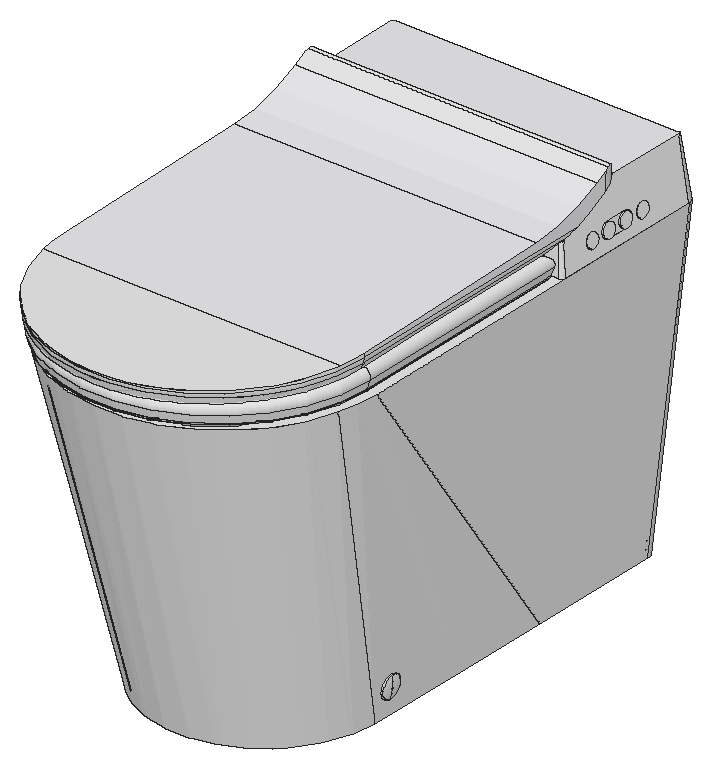
Revit family "X", category Plumbing Fixtures, host Face, Revit 2022
Family settings
  Host = Face
  Round Connector Dimension = Use Diameter
  Part Type = Normal
  OmniClass Number = 23.31.19.00
  Cut with Voids When Loaded = No
  Maintain Annotation Orientation = No
  Shared = No
  Room Calculation Point = No
Parameters (values of type "0-White")
  Width = 14.49606"  # constant formula
  WaterSense Certified = 1 = 0  # no
  Waste Water Outlet = "Waste Water Outlet"  # constant formula
  Waste Connection = 1 = 1  # yes
  Voltage = 240 V  # constant formula
  Vent Connection = 1 = 0  # no
  URL = "https://www.kohler.co.th/"
  Type = 1
  Seat Included = 1 = 0  # no
  Rough-In = 12 1/128"  # constant formula
  Product Page URL = ""
  Product Name = "Leap"  # constant formula
  Product Documentation Link = ""
  Pressure = 0.00 psi
  Model = if(Type = 1, "K-28529X-0", "NA")  # "K-28529X-0"
  Material = "Vitreous China"  # constant formula
  Master Format 2014 Name = "Residential Water Closets"  # constant formula
  Master Format 2014 = "22 42 13.13"  # constant formula
  Manufacturer Address = "16th Floor, Jasmine City Building 2, Soi Sukhumvit 23, Sukhumvit Road, Khlong Toei Nuea, Watthana, Bangkok 10110"  # constant formula
  Manufacturer = "Kohler Co."  # constant formula
  Length = 26 205/256"  # constant formula
  Hot Water Inlet = "Hot Water Inlet"  # constant formula
  Height = 19.36614"  # constant formula
  HW Connection = 1 = 0  # no
  Flush Rate- LPF = "LPF"
  Flush Rate- GPF = "GPF"
  Flow Rate = 0 GPM
  Finish = Kohler-Vitreous_China-0-White
  Environmental Product Declaration = ""
  Electrical Note = "One Dedicated Circuit Required"  # constant formula
  Electrical Connector = 1 = 1  # yes
  Description = "Intelligent Toilet S305"  # constant formula
  Default Elevation = 0"
  Declare Label = ""
  Date Modified = "04/02/2025"  # constant formula
  Date Created = "04/02/2025"  # constant formula
  Copyright = "Copyright Kohler Co."  # constant formula
  Contact Us = "https://www.kohler.co.th/contact-us"
  Cold Water Inlet = "Cold Water Inlet"  # constant formula
  CW Connection = 1 = 1  # yes
  Bowl Height = 15.74803"  # constant formula
  Assembly Code = "D2010100"
  Apparent Load = 1200 VA  # constant formula
  ADA Compliant = 1 = 0  # no
Reference planes (in)
  plane 1 "Center (Front/Back)": y = 0
  plane 2: z = 0
  plane 3 "Center (Left/Right)": x = 0
  plane 4: z = 19.36614
  plane 5: z = 15.74803
  plane 6: x = -7.24803
  plane 7: x = 7.24803
  plane 8: z = 4.05092
  plane 9: z = 4.63274
  plane 10: x = 6.00984
  plane 11: x = -5.98918
  plane 12: y = -0.78734
  plane 13: y = -27.58812
  plane 14: z = 1.37402
  plane 15: y = -16.74803
  plane 16: y = -12.00781
  plane 17: z = 16.93701
  plane 18: y = -4.13386
  plane 19: x = 5.41339
  plane 20: x = -5.41339
  plane 21: y = -21.65348
  plane 22: y = -22.47238
Dimensions and locks (in)
  plane 5 to plane 17 = 1.18898"
  "Length": plane 12 to plane 13
  "Height": level to plane 4
  "Rough-In": plane 1 "Center (Front/Back)" to plane 16
  plane 1 "Center (Front/Back)" to plane 15 = 16.74803"
  plane 14 to level = 1.37402"
  "Bowl Height": plane 5 to level
  plane 6 to plane 7 = 14.49606"
  plane 11 to plane 10 = 11.99902"
  plane 20 to plane 19 = 10.82677"
  plane 12 to plane 16 = 11.22047"
  plane 16 to plane 22 = 10.46457"
  plane 16 to plane 21 = 9.64567"
  plane 1 "Center (Front/Back)" to plane 12 = 0.78734"
  "Width": plane 6 to plane 7
  plane 9 to level = 4.63274"
  plane 19 to plane 20 = 10.82677"
  aligned and locked: plane 2 to host face
  aligned and locked: level to host face
  aligned and locked: plane 3 "Center (Left/Right)" to nested 1
  aligned and locked: nested 1 to plane 16
Automatic sketch dimensions
  host sketch curve to host sketch curve = 96"  (x2)
Nested families (in)
  nested 1: "K-28529X" at (0, 0.00006, 0), type "K-28529X"
Connectors (in)
  piping at (0, -12.00781, 0), diameter 2.63672, driven by "Waste Connection", driven by "Waste Water Outlet"
    settings: on nested 1, index 3, connector inside diameter 24", connector length 0", flow factor 0, pipe flow 0 GPM, pressure drop 0.00 psi, fitting loss kfactor 0, connector angle 0.00°, fixture units 0, engagement length 0", angle of deflection 0.00°, flow configuration 0, flow direction 2, fitting loss method 0, system type 16, joint type 0, gender type 0, connector reference index -1, connector utility 1, adjustable connector no, is connector primary yes, connector description "Waste Water Outlet"
  piping at (-5.98918, -4.1338, 4.63274), diameter 0.375, driven by "CW Connection", driven by "Cold Water Inlet"
    settings: on nested 1, index 4, connector inside diameter 24", connector length 0", flow factor 0, pipe flow 0 GPM, pressure drop 0.00 psi, fitting loss kfactor 0, connector angle 0.00°, fixture units 0, engagement length 0", angle of deflection 0.00°, flow configuration 0, flow direction 1, fitting loss method 0, system type 20, joint type 0, gender type 0, connector reference index -1, connector utility 1, adjustable connector no, is connector primary no, connector description "Cold Water Inlet"
  electrical at (-5.98918, -4.1338, 4.05092), driven by "Voltage", driven by "Apparent Load", driven by "Electrical Connector", driven by "Electrical Note"
    settings: on nested 1, index 5, voltage 240 V, apparent load 1200 VA, apparent load phase1 0 VA, apparent load phase2 0 VA, apparent load phase3 0 VA, power factor 1, load classification "Power", number of poles 1, system type 30, power factor state 1, is connector primary yes, connector utility yes, sub classification motor no, connector description "One Dedicated Circuit Required"
Definition of nested family "K-28529X"
  Parameters
    Material = none
    Default Elevation = 0"
  Reference planes (in)
    plane 1 "Center (Front/Back)": y = 0
    plane 2: z = 0
    plane 3 "Center (Left/Right)": x = 0
    plane 4: y = -0.7874
    plane 5: y = -12.00787
    plane 6: y = -27.58661
    plane 7: z = 15.74803
    plane 8: z = 19.36614
    plane 9: y = -21.65354
    plane 10: x = 6.00984
    plane 11: x = -5.98918
    plane 12 "aa": through (0, -5.96811, 18.39868) normal (0, 0.4548, -0.8906)
    plane 13 "zz": through (6.83853, 0, 18.59229) normal (-0.9906, 0, -0.1371)
    plane 14: z = 4.05092
    plane 15: y = -4.13386
    plane 16: z = 4.63274
    plane 17: x = -7.24803
    plane 18: x = 7.24803
    plane 19: y = -22.34646
    plane 20: y = -16.74803
    plane 21: z = 1.37402
  Forms (in)
    Blend 1, solid, material <- "Material", detail levels medium+fine
      base sketch origin (0, 0, 0) x (1, 0, 0) y (0, 1, 0)
        loop
          line (-5.35715, -1.25984) -> (-5.35715, -7.67699)
          arc (-5.35715, -7.67699) -> (-5.33221, -12.5375) -> (-5.2574, -17.39749) r 473.65749
          arc (-5.2574, -17.39749) -> (0, -22.54808) -> (5.2574, -17.39749) r 5.25851
          arc (5.2574, -17.39749) -> (5.33221, -12.5375) -> (5.35715, -7.67699) r 473.65749
          line (5.35715, -7.67699) -> (5.35715, -1.25984)
          arc (5.35715, -1.25984) -> (5.21878, -0.92578) -> (4.88471, -0.7874) r 0.47244
          line (4.88471, -0.7874) -> (-4.88471, -0.7874)
          arc (-4.88471, -0.7874) -> (-5.21878, -0.92578) -> (-5.35715, -1.25984) r 0.47244
      top sketch origin (0, 0, 0) x (1, 0, 0) y (0, 1, 0)
        loop
          arc (7.24803, -1.1811) -> (7.13272, -0.90271) -> (6.85433, -0.7874) r 0.3937
          line (6.85433, -0.7874) -> (-6.82273, -0.7874)
          arc (-6.82273, -0.7874) -> (-7.10112, -0.90271) -> (-7.21644, -1.1811) r 0.3937
          line (-7.21644, -1.1811) -> (-7.21644, -19.76739)
          arc (-7.21644, -19.76739) -> (-7.11617, -20.96747) -> (-6.81816, -22.13427) r 7.23223
          arc (-6.81816, -22.13427) -> (0.24036, -26.99613) -> (6.9835, -21.70552) r 7.23223
          arc (6.9835, -21.70552) -> (7.18159, -20.74544) -> (7.24803, -19.76739) r 7.23223
          line (7.24803, -19.76739) -> (7.24803, -1.1811)
      from 0 to 15.74803
    Blend 2, solid, material <- "Material", detail levels medium+fine
      base sketch origin (0, 0, 0) x (1, 0, 0) y (0, 1, 0)
        loop
          arc (1.04424, -15.20312) -> (1.28968, -14.4358) -> (1.03191, -13.67253) r 1.28972
          arc (1.03191, -13.67253) -> (0.12136, -13.16219) -> (-0.86868, -13.49289) r 1.28972
          arc (-0.86868, -13.49289) -> (-1.27739, -14.26822) -> (-1.09617, -15.12575) r 1.28972
          arc (-1.09617, -15.12575) -> (-0.04659, -15.73507) -> (1.04424, -15.20312) r 1.28972
      top sketch origin (0, 0, 0) x (1, 0, 0) y (0, 1, 0)
        loop
          arc (-5.08401, -22.50659) -> (0, -26.1414) -> (5.08401, -22.50659) r 5.37291
          arc (5.08401, -22.50659) -> (5.80138, -19.00553) -> (5.61376, -15.43665) r 14.07332
          arc (5.61376, -15.43665) -> (0, -10.75147) -> (-5.61376, -15.43665) r 5.70578
          arc (-5.61376, -15.43665) -> (-5.80138, -19.00553) -> (-5.08401, -22.50659) r 14.07332
      from 6.62557 to 15.74803
    Blend 3, void
      base sketch origin (0, 0, 0) x (1, 0, 0) y (0, 1, 0)
        loop
          arc (-1.28724, -13.93558) -> (-1.23658, -14.6763) -> (-1.17662, -15.41633) r 59.18802
          arc (-1.17662, -15.41633) -> (0, -16.49467) -> (1.17662, -15.41633) r 1.1811
          arc (1.17662, -15.41633) -> (1.23658, -14.6763) -> (1.28724, -13.93558) r 59.18802
          arc (1.28724, -13.93558) -> (0, -12.56592) -> (-1.28724, -13.93558) r 1.28972
      top sketch origin (0, 0, 0) x (1, 0, 0) y (0, 1, 0)
        loop
          arc (-5.08401, -22.50659) -> (0, -26.1414) -> (5.08401, -22.50659) r 5.37291
          arc (5.08401, -22.50659) -> (5.80138, -19.00553) -> (5.61376, -15.43665) r 14.07332
          arc (5.61376, -15.43665) -> (0, -10.75147) -> (-5.61376, -15.43665) r 5.70578
          arc (-5.61376, -15.43665) -> (-5.80138, -19.00553) -> (-5.08401, -22.50659) r 14.07332
      from 6.62557 to 15.74803
    Sweep 4, solid, material <- "Material", detail levels medium+fine
      path origin (0, 0, 0) x (0, 1, 0) y (0, 0, 1)
        loop
          line (-12.00787, -5.776) -> (-12.00787, 0.32888)
          arc (-12.00787, 0.32888) -> (-11.40267, 1.98153) -> (-9.87331, 2.85249) r 2.55906
          arc (-9.87331, 2.85249) -> (-6.76803, 3.86344) -> (-4.093, 5.73669) r 11.06673
          arc (-4.093, 5.73669) -> (-4.0493, 9.04716) -> (-7.35978, 9.00346) r 2.31076
          arc (-7.35978, 9.00346) -> (-9.79631, 6.79875) -> (-12.5397, 4.99008) r 21.55142
          arc (-12.5397, 4.99008) -> (-13.87, 5.00708) -> (-14.5303, 6.16207) r 1.34031
          line (-14.5303, 6.16207) -> (-14.5303, 11.74274)
      profile origin (0, -12.00787, -2.72356) x (0, -1, 0) y (1, 0, 0)
        loop
          circle (0, 0) r 1.33858
    Blend 5, solid, detail levels medium+fine
      base sketch origin (0, 0, 0) x (1, 0, 0) y (0, 1, 0)
        loop
          line (-7.23223, -1.1811) -> (-7.23223, -8.49563)
          arc (-7.23223, -8.49563) -> (-7.17458, -8.63482) -> (-7.03538, -8.69248) r 0.19685
          line (-7.03538, -8.69248) -> (-6.17053, -8.69248)
          arc (-6.17053, -8.69248) -> (-6.03134, -8.75013) -> (-5.97368, -8.88933) r 0.19685
          line (-5.97368, -8.88933) -> (-5.97368, -12.09458)
          arc (-5.97368, -12.09458) -> (-5.91603, -12.23377) -> (-5.77683, -12.29143) r 0.19685
          line (-5.77683, -12.29143) -> (5.73302, -12.29143)
          arc (5.73302, -12.29143) -> (5.87221, -12.23377) -> (5.92987, -12.09458) r 0.19685
          line (5.92987, -12.09458) -> (5.92987, -8.88319)
          arc (5.92987, -8.88319) -> (5.98753, -8.74399) -> (6.12672, -8.68634) r 0.19685
          line (6.12672, -8.68634) -> (7.03538, -8.68634)
          arc (7.03538, -8.68634) -> (7.17458, -8.62868) -> (7.23223, -8.48948) r 0.19685
          line (7.23223, -8.48948) -> (7.23223, -1.1811)
          arc (7.23223, -1.1811) -> (7.11692, -0.90271) -> (6.83853, -0.7874) r 0.3937
          line (6.83853, -0.7874) -> (-6.83853, -0.7874)
          arc (-6.83853, -0.7874) -> (-7.11692, -0.90271) -> (-7.23223, -1.1811) r 0.3937
      top sketch origin (0, 0, 0) x (1, 0, 0) y (0, 1, 0)
        loop
          line (-6.83853, -1.29921) -> (-6.83853, -8.18067)
          arc (-6.83853, -8.18067) -> (-6.80394, -8.26418) -> (-6.72042, -8.29878) r 0.11811
          line (-6.72042, -8.29878) -> (-5.65872, -8.29878)
          arc (-5.65872, -8.29878) -> (-5.60305, -8.32184) -> (-5.57998, -8.37752) r 0.07874
          line (-5.57998, -8.37752) -> (-5.57998, -11.81899)
          arc (-5.57998, -11.81899) -> (-5.55692, -11.87466) -> (-5.50124, -11.89773) r 0.07874
          line (-5.50124, -11.89773) -> (5.45743, -11.89773)
          arc (5.45743, -11.89773) -> (5.51311, -11.87466) -> (5.53617, -11.81899) r 0.07874
          line (5.53617, -11.81899) -> (5.53617, -8.37137)
          arc (5.53617, -8.37137) -> (5.55923, -8.3157) -> (5.61491, -8.29263) r 0.07874
          line (5.61491, -8.29263) -> (6.75979, -8.29263)
          arc (6.75979, -8.29263) -> (6.81547, -8.26957) -> (6.83853, -8.21389) r 0.07874
          line (6.83853, -8.21389) -> (6.83853, -1.29921)
          arc (6.83853, -1.29921) -> (6.80394, -1.2157) -> (6.72042, -1.1811) r 0.11811
          line (6.72042, -1.1811) -> (-6.72042, -1.1811)
          arc (-6.72042, -1.1811) -> (-6.80394, -1.2157) -> (-6.83853, -1.29921) r 0.11811
      from 15.74803 to 18.59229
    Extrusion 6, void
      sketch origin (0, 0, 0) x (0, 1, 0) y (0, 0, 1)
        loop
          line (-13.03567, 16.96863) -> (-10.47661, 16.96863)
          arc (-10.47661, 16.96863) -> (-7.28224, 17.51541) -> (-4.45158, 19.09347) r 9.6045
          line (-4.45158, 19.09347) -> (-4.45158, 22.00586) -> (-13.03567, 22.00586) -> (-13.03567, 16.96863)
      from -7.81269 to 7.85948
    Sweep 7, solid, detail levels medium+fine
      path origin (0, 0, 0) x (1, 0, 0) y (0, 1, 0)
        loop
          line (-5.97368, -9.1348) -> (-7.23757, -9.1348) -> (-7.23757, -20.10729)
          arc (-7.23757, -20.10729) -> (-0.00004, -27.34483) -> (7.2375, -20.10729) r 7.23754
          line (7.2375, -20.10729) -> (7.2375, -9.13429) -> (5.92987, -9.13429)
      profile origin (-0.00004, -27.34483, 0) x (0, 1, 0) y (0, 0, 1)
        loop
          line (0.76134, 16.98035) -> (0.4043, 16.98035)
          arc (0.4043, 16.98035) -> (0.09009, 16.82386) -> (0.02566, 16.47879) r 0.3937
          line (0.02566, 16.47879) -> (0.13962, 16.07874)
          arc (0.13962, 16.07874) -> (0.14839, 16.06496) -> (0.16327, 16.05821) r 0.02866
          line (0.16327, 16.05821) -> (0.17897, 16.00311)
          arc (0.17897, 16.00311) -> (0.187, 15.98997) -> (0.20065, 15.98285) r 0.02877
          line (0.20065, 15.98285) -> (0.56449, 15.90552) -> (0.76134, 15.90552) -> (0.76134, 16.98035)
    Sweep 8, solid, detail levels medium+fine
      path origin (0, 0, 0) x (1, 0, 0) y (0, 1, 0)
        loop
          arc (2.4823, -23.64191) -> (3.9236, -19.97802) -> (3.8441, -16.04163) r 10.03318
          arc (3.8441, -16.04163) -> (0, -12.95489) -> (-3.8441, -16.04163) r 3.93701
          arc (-3.8441, -16.04163) -> (-3.9236, -19.97802) -> (-2.4823, -23.64191) r 10.03318
          arc (-2.4823, -23.64191) -> (0, -24.99561) -> (2.4823, -23.64191) r 2.95276
      profile origin (0, -24.99561, 0) x (0, -1, 0) y (0, 0, 1)
        loop
          line (1.13914, 15.90642) -> (1.13914, 16.98035) -> (0.92069, 16.98035)
          arc (0.92069, 16.98035) -> (0.53316, 16.865) -> (0.27179, 16.55651) r 0.70866
          line (0.27179, 16.55651) -> (-0.08308, 15.74803) -> (0.31743, 15.74803) -> (0.43458, 15.80815)
          arc (0.43458, 15.80815) -> (0.63212, 15.8815) -> (0.84137, 15.90642) r 0.89105
          line (0.84137, 15.90642) -> (1.13914, 15.90642)
    Extrusion 9, solid, detail levels medium+fine
      sketch origin (0, 0, 0) x (1, 0, 0) y (0, 1, 0)
        loop
          arc (-6.47623, -20.10729) -> (-0.00004, -26.58349) -> (6.47616, -20.10729) r 6.4762
          line (6.47616, -20.10729) -> (6.47616, -9.1348) -> (-6.47623, -9.1348) -> (-6.47623, -20.10729)
        loop
          arc (-4.95636, -15.79562) -> (-5.04488, -20.17893) -> (-3.43994, -24.25881) r 11.17232
          arc (-3.43994, -24.25881) -> (0, -26.13475) -> (3.43994, -24.25881) r 4.0919
          arc (3.43994, -24.25881) -> (5.04488, -20.17893) -> (4.95636, -15.79562) r 11.17232
          arc (4.95636, -15.79562) -> (0, -11.81575) -> (-4.95636, -15.79562) r 5.07615
      from 15.90552 to 16.98035
    Sweep 10, solid, detail levels medium+fine
      path origin (0, 0, 0) x (1, 0, 0) y (0, 1, 0)
        loop
          line (-7.17495, -6.04971) -> (-7.17495, -20.41351)
          arc (-7.17495, -20.41351) -> (-0.00072, -27.58774) -> (7.17351, -20.41351) r 7.17423
          line (7.17351, -20.41351) -> (7.17351, -6.04971)
          arc (7.17351, -6.04971) -> (6.91982, -5.43726) -> (6.30737, -5.18357) r 0.86614
          line (6.30737, -5.18357) -> (-6.3088, -5.18357)
          arc (-6.3088, -5.18357) -> (-6.92126, -5.43726) -> (-7.17495, -6.04971) r 0.86614
      profile origin (-0.00072, -27.58774, 0) x (0, 1, 0) y (0, 0, 1)
        loop
          line (0, 19.4496) -> (0, 17.55087)
          arc (0, 17.55087) -> (0.0072, 17.44465) -> (0.02866, 17.34037) r 0.7874
          line (0.02866, 17.34037) -> (0.12235, 17.00267) -> (0.46752, 17.00267) -> (0.46752, 19.4496) -> (0, 19.4496)
    Extrusion 11, solid, detail levels medium+fine
      sketch origin (0, 0, 0) x (1, 0, 0) y (0, 1, 0)
        loop
          arc (-6.70743, -20.41351) -> (-0.00072, -27.12022) -> (6.70599, -20.41351) r 6.70671
          line (6.70599, -20.41351) -> (6.70599, -6.04971)
          arc (6.70599, -6.04971) -> (6.58924, -5.76784) -> (6.30737, -5.65109) r 0.39862
          line (6.30737, -5.65109) -> (-6.3088, -5.65109)
          arc (-6.3088, -5.65109) -> (-6.59067, -5.76784) -> (-6.70743, -6.04971) r 0.39862
          line (-6.70743, -6.04971) -> (-6.70743, -20.41351)
      from 17.00267 to 19.4496
    Extrusion 12, void
      sketch origin (0, 0, 0) x (0, 1, 0) y (0, 0, 1)
        loop
          line (-28.0501, 17.61415) -> (-28.0501, 17.02997) -> (-16.53126, 17.17472)
          arc (-16.53126, 17.17472) -> (-13.07574, 17.21488) -> (-9.62016, 17.2485) r 1828.21416
          arc (-9.62016, 17.2485) -> (-8.23545, 17.42197) -> (-6.92756, 17.90874) r 6.0372
          line (-6.92756, 17.90874) -> (-5.96811, 18.39868)
          arc (-5.96811, 18.39868) -> (-5.63076, 18.62807) -> (-5.36067, 18.93381) r 1.63568
          line (-5.36067, 18.93381) -> (-5.55783, 19.22659)
          arc (-5.55783, 19.22659) -> (-5.67337, 19.30761) -> (-5.81343, 19.2905) r 0.19685
          line (-5.81343, 19.2905) -> (-6.54318, 18.90298)
          arc (-6.54318, 18.90298) -> (-8.29159, 18.22153) -> (-10.15011, 17.96225) r 8.07087
          arc (-10.15011, 17.96225) -> (-15.89578, 17.84089) -> (-21.64166, 17.73074) r 2944.52408
          line (-21.64166, 17.73074) -> (-28.0501, 17.61415)
        loop
          line (-28.59758, 20.15324) -> (-28.59758, 16.79498) -> (-4.64315, 16.79498) -> (-4.64315, 20.15324) -> (-28.59758, 20.15324)
      from -8.69124 to 9.84252
    Extrusion 13, void
      sketch origin (0, 0, 0) x (0, 1, 0) y (0, 0, 1)
        loop
          line (-14.54389, 0.01551) -> (-14.54389, -6.10236) -> (-9.81948, -6.10236) -> (-9.81948, 0.01551) -> (-14.54389, 0.01551)
      from -1.92433 to 1.81587
    Revolve 14, solid, detail levels medium+fine
      sketch origin (0, -22.96998, 0) x (1, 0, 0) y (0, 0, 1)
        loop
          line (-5.37058, 16.9566) -> (-5.33474, 16.9566)
          arc (-5.33474, 16.9566) -> (-5.06702, 17.06749) -> (-4.95612, 17.33522) r 0.37862
          line (-4.95612, 17.33522) -> (-4.95612, 17.61811) -> (-5.37058, 17.61811) -> (-5.37058, 16.9566)
        axis (-5.37058, 16.9566) -> (-5.37058, 17.61811)
      angle from 0 to 360
    Revolve 15, solid, detail levels medium+fine
      sketch origin (0, -22.96998, 0) x (-1, 0, 0) y (0, 0, -1)
        loop
          line (-5.37058, -16.9566) -> (-5.37058, -17.61811) -> (-4.95612, -17.61811) -> (-4.95612, -17.33522)
          arc (-4.95612, -17.33522) -> (-5.06702, -17.06749) -> (-5.33474, -16.9566) r 0.37862
          line (-5.33474, -16.9566) -> (-5.37058, -16.9566)
        axis (-5.37058, -16.9566) -> (-5.37058, -17.61811)
      angle from 0 to 360
    Extrusion 16, solid, material <- "Material", detail levels medium+fine
      sketch origin (0, 0, 0) x (1, 0, 0) y (0, 1, 0)
        loop
          line (4.97138, -23.54979) -> (5.28636, -23.23481)
          arc (5.28636, -23.23481) -> (5.28636, -22.95642) -> (5.00797, -22.95642) r 0.19685
          line (5.00797, -22.95642) -> (4.69299, -23.2714)
          arc (4.69299, -23.2714) -> (4.69299, -23.54979) -> (4.97138, -23.54979) r 0.19685
        loop
          arc (-4.97138, -23.54979) -> (-4.69299, -23.54979) -> (-4.69299, -23.2714) r 0.19685
          line (-4.69299, -23.2714) -> (-5.00797, -22.95642)
          arc (-5.00797, -22.95642) -> (-5.28636, -22.95642) -> (-5.28636, -23.23481) r 0.19685
          line (-5.28636, -23.23481) -> (-4.97138, -23.54979)
        loop
          line (6.33859, -16.44818) -> (6.33859, -15.91798)
          arc (6.33859, -15.91798) -> (6.14174, -15.72112) -> (5.94489, -15.91798) r 0.19685
          line (5.94489, -15.91798) -> (5.94489, -16.44818)
          arc (5.94489, -16.44818) -> (6.14174, -16.64503) -> (6.33859, -16.44818) r 0.19685
        loop
          arc (-6.33859, -16.44818) -> (-6.14174, -16.64503) -> (-5.94489, -16.44818) r 0.19685
          line (-5.94489, -16.44818) -> (-5.94489, -15.91798)
          arc (-5.94489, -15.91798) -> (-6.14174, -15.72112) -> (-6.33859, -15.91798) r 0.19685
          line (-6.33859, -15.91798) -> (-6.33859, -16.44818)
      from 15.86858 to 16.40889
    Extrusion 17, solid, detail levels medium+fine
      sketch origin (0, -8.68648, 17.01054) x (0, 0.8906, 0.454787) y (1, 0, 0)
        loop
          line (3.38966, 5.78421) -> (2.59571, 5.78421)
          arc (2.59571, 5.78421) -> (2.39502, 5.70108) -> (2.31189, 5.50039) r 0.28382
          line (2.31189, 5.50039) -> (2.31189, 5.18756)
          arc (2.31189, 5.18756) -> (2.38178, 5.01884) -> (2.5505, 4.94896) r 0.2386
          line (2.5505, 4.94896) -> (3.38966, 4.94896) -> (3.38966, 5.78421)
        loop
          line (3.38966, -4.94414) -> (2.59571, -4.94414)
          arc (2.59571, -4.94414) -> (2.39502, -5.02727) -> (2.31189, -5.22796) r 0.28382
          line (2.31189, -5.22796) -> (2.31189, -5.54079)
          arc (2.31189, -5.54079) -> (2.38178, -5.70951) -> (2.5505, -5.77939) r 0.2386
          line (2.5505, -5.77939) -> (3.38966, -5.77939) -> (3.38966, -4.94414)
      from -0.3851 to 0.65953
    Extrusion 18, void
      sketch origin (2.36162, 0, -0.81484) x (0, 1, 0) y (-0.137112, 0, 0.990556)
        loop
          arc (-5.86097, 16.98312) -> (-6.25015, 16.59394) -> (-5.86097, 16.20477) r 0.38918
          line (-5.86097, 16.20477) -> (-4.84161, 16.20477)
          arc (-4.84161, 16.20477) -> (-4.45243, 16.59394) -> (-4.84161, 16.98312) r 0.38918
          line (-4.84161, 16.98312) -> (-5.86097, 16.98312)
      from 7.03856 to 7.65502
    Extrusion 19, solid, detail levels medium+fine
      sketch origin (9.23512, 0, 1.27832) x (-0.137112, 0, 0.990556) y (0, 1, 0)
        loop
          circle (15.46299, -5.86097) r 0.33465
        loop
          circle (15.46299, -4.84161) r 0.33465
        loop
          circle (15.46299, -6.84522) r 0.33465
        loop
          circle (15.46299, -3.85736) r 0.33465
      from -0.07138 to 0.05702
    Revolve 20, solid, detail levels medium+fine
      sketch origin (0.03691, -4.13386, 0) x (-1, 0, 0) y (0, 0, -1)
        loop
          line (5.98129, -3.5114) -> (5.82665, -2.08435)
          arc (5.82665, -2.08435) -> (5.81218, -2.05791) -> (5.78326, -2.04945) r 0.03937
          line (5.78326, -2.04945) -> (5.70764, -2.05764) -> (5.86653, -3.52384) -> (5.98129, -3.5114)
        axis (5.98129, -3.5114) -> (5.86653, -3.52384)
      angle from 0 to 360
    Extrusion 21, void
      sketch origin (0.14311, 0, 0.5971) x (0, 1, 0) y (-0.104528, 0, 0.994522)
        loop
          line (-3.74016, 3.58755) -> (-3.74016, 5.45057) -> (-4.52756, 5.45057) -> (-4.52756, 3.58755)
          arc (-4.52756, 3.58755) -> (-4.13386, 3.19385) -> (-3.74016, 3.58755) r 0.3937
      from -6.31406 to -5.2628
    Extrusion 22, solid, material <- "Material", detail levels medium+fine
      sketch origin (0, 0, 0) x (1, 0, 0) y (0, 1, 0)
        loop
          circle (0, -12.00787) r 0.7874
      from 0 to 0.43097
    Extrusion 23, solid, material <- "Material", detail levels coarse
      sketch origin (0, 0, 0) x (1, 0, 0) y (0, 1, 0)
        loop
          arc (7.24803, -1.1811) -> (7.13272, -0.90271) -> (6.85433, -0.7874) r 0.3937
          line (6.85433, -0.7874) -> (-6.82273, -0.7874)
          arc (-6.82273, -0.7874) -> (-7.10112, -0.90271) -> (-7.21644, -1.1811) r 0.3937
          line (-7.21644, -1.1811) -> (-7.21644, -19.76739)
          arc (-7.21644, -19.76739) -> (-7.11617, -20.96747) -> (-6.81816, -22.13427) r 7.23223
          arc (-6.81816, -22.13427) -> (0.24036, -26.99613) -> (6.9835, -21.70552) r 7.23223
          arc (6.9835, -21.70552) -> (7.18159, -20.74544) -> (7.24803, -19.76739) r 7.23223
          line (7.24803, -19.76739) -> (7.24803, -1.1811)
      from 0 to 15.74803
    Extrusion 24, solid, detail levels coarse
      sketch origin (0, 0, 0) x (1, 0, 0) y (0, 1, 0)
        loop
          arc (7.23223, -1.1811) -> (7.11692, -0.90271) -> (6.83853, -0.7874) r 0.3937
          line (6.83853, -0.7874) -> (-6.83853, -0.7874)
          arc (-6.83853, -0.7874) -> (-7.11692, -0.90271) -> (-7.23223, -1.1811) r 0.3937
          line (-7.23223, -1.1811) -> (-7.23223, -8.69248) -> (-5.97343, -8.69248) -> (-5.97343, -12.29143) -> (5.92987, -12.29143) -> (5.92987, -8.68634) -> (7.23223, -8.68634) -> (7.23223, -1.1811)
      from 15.74803 to 18.59229
    Extrusion 25, solid, detail levels coarse
      sketch origin (0, 0, 0) x (1, 0, 0) y (0, 1, 0)
        loop
          line (-7.17495, -5.18357) -> (-7.17495, -20.41351)
          arc (-7.17495, -20.41351) -> (-0.00072, -27.58774) -> (7.17351, -20.41351) r 7.17423
          line (7.17351, -20.41351) -> (7.17351, -5.18357) -> (-7.17495, -5.18357)
      from 15.90552 to 19.82764
    Extrusion 26, void
      sketch origin (0, 0, 0) x (0, 1, 0) y (0, 0, 1)
        loop
          line (-28.59758, 17.60418) -> (-21.64166, 17.73074)
          arc (-21.64166, 17.73074) -> (-15.89578, 17.84089) -> (-10.15011, 17.96225) r 2944.52408
          arc (-10.15011, 17.96225) -> (-8.29159, 18.22153) -> (-6.54318, 18.90298) r 8.07087
          line (-6.54318, 18.90298) -> (-5.96502, 19.21)
          arc (-5.96502, 19.21) -> (-5.73008, 19.30008) -> (-5.48034, 19.33071) r 1.03342
          line (-5.48034, 19.33071) -> (-4.64315, 19.33071) -> (-4.64315, 20.15324) -> (-28.59758, 20.15324) -> (-28.59758, 17.60418)
      from -7.85812 to 8.52662
    Extrusion 27, solid, detail levels coarse
      sketch origin (0, 0, 0) x (1, 0, 0) y (0, 1, 0)
        loop
          line (4.97138, -23.54979) -> (5.28636, -23.23481)
          arc (5.28636, -23.23481) -> (5.28636, -22.95642) -> (5.00797, -22.95642) r 0.19685
          line (5.00797, -22.95642) -> (4.69299, -23.2714)
          arc (4.69299, -23.2714) -> (4.69299, -23.54979) -> (4.97138, -23.54979) r 0.19685
        loop
          arc (-4.97138, -23.54979) -> (-4.69299, -23.54979) -> (-4.69299, -23.2714) r 0.19685
          line (-4.69299, -23.2714) -> (-5.00797, -22.95642)
          arc (-5.00797, -22.95642) -> (-5.28636, -22.95642) -> (-5.28636, -23.23481) r 0.19685
          line (-5.28636, -23.23481) -> (-4.97138, -23.54979)
        loop
          line (6.33859, -16.44818) -> (6.33859, -15.91798)
          arc (6.33859, -15.91798) -> (6.14174, -15.72112) -> (5.94489, -15.91798) r 0.19685
          line (5.94489, -15.91798) -> (5.94489, -16.44818)
          arc (5.94489, -16.44818) -> (6.14174, -16.64503) -> (6.33859, -16.44818) r 0.19685
        loop
          arc (-6.33859, -16.44818) -> (-6.14174, -16.64503) -> (-5.94489, -16.44818) r 0.19685
          line (-5.94489, -16.44818) -> (-5.94489, -15.91798)
          arc (-5.94489, -15.91798) -> (-6.14174, -15.72112) -> (-6.33859, -15.91798) r 0.19685
          line (-6.33859, -15.91798) -> (-6.33859, -16.44818)
      from 15.74803 to 15.90552
    Revolve 28, solid, detail levels medium+fine
      sketch origin (0.14339, -16.72606, -0.27619) x (0.998901, 0, 0.046868) y (-0.046868, 0, 0.998901)
        loop
          line (5.02441, 1.43252) -> (5.50519, 1.36608) -> (5.50951, 1.39728)
          arc (5.50951, 1.39728) -> (5.52943, 1.64251) -> (5.5217, 1.88843) r 2.18803
          arc (5.5217, 1.88843) -> (5.48927, 1.91808) -> (5.45693, 1.88833) r 0.0325
          line (5.45693, 1.88833) -> (5.43036, 1.57514) -> (5.05136, 1.62752) -> (5.02441, 1.43252)
        axis (5.50519, 1.36608) -> (5.02441, 1.43252)
      angle from 0 to 360
    Revolve 29, solid, detail levels medium+fine
      sketch origin (-0.09426, -16.74006, -0.23312) x (-0.998901, 0, 0.046868) y (-0.046868, 0, -0.998901)
        loop
          line (5.02441, -1.43252) -> (5.05136, -1.62752) -> (5.43036, -1.57514) -> (5.45693, -1.88833)
          arc (5.45693, -1.88833) -> (5.48927, -1.91808) -> (5.5217, -1.88843) r 0.0325
          arc (5.5217, -1.88843) -> (5.52943, -1.64251) -> (5.50951, -1.39728) r 2.18803
          line (5.50951, -1.39728) -> (5.50519, -1.36608) -> (5.02441, -1.43252)
        axis (5.50519, -1.36608) -> (5.02441, -1.43252)
      angle from 0 to 360
    Extrusion 30, solid, detail levels medium+fine
      sketch origin (0, 0, 0) x (0, 1, 0) y (0, 0, 1)
        loop
          circle (-4.13386, 4.63274) r 0.11811
        loop
          circle (-4.13386, 4.05092) r 0.11811
      from -5.98918 to -5.79876
    Extrusion 31, void
      sketch origin (0, 0, 0) x (0, 1, 0) y (0, 0, 1)
        loop
          circle (-1.90018, 17.16295) r 0.16054
        loop
          arc (-5.05206, 17.84168) -> (-5.06971, 17.88429) -> (-5.11232, 17.90193) r 0.06025
          line (-5.11232, 17.90193) -> (-6.02914, 17.90193) -> (-6.84257, 17.45104)
          arc (-6.84257, 17.45104) -> (-6.88039, 17.41449) -> (-6.89484, 17.36391) r 0.10149
          line (-6.89484, 17.36391) -> (-6.92096, 15.74016) -> (-5.05206, 15.74016) -> (-5.05206, 17.84168)
      from -7.58906 to -6.47623
    Extrusion 32, solid, detail levels medium+fine
      sketch origin (-1.9685, 0, 0) x (0, 1, 0) y (0, 0, 1)
        loop
          circle (-1.90018, 17.16295) r 0.16054
      from -5.14703 to -4.96668
    Extrusion 33, solid, detail levels medium+fine
      sketch origin (0, 0, 0) x (0, 1, 0) y (0, 0, 1)
        loop
          line (-5.05994, 15.74803) -> (-5.05994, 17.84168)
          arc (-5.05994, 17.84168) -> (-5.07528, 17.87872) -> (-5.11232, 17.89406) r 0.05238
          line (-5.11232, 17.89406) -> (-6.02711, 17.89406) -> (-6.83875, 17.44416)
          arc (-6.83875, 17.44416) -> (-6.87364, 17.41044) -> (-6.88697, 17.36379) r 0.09361
          line (-6.88697, 17.36379) -> (-6.91296, 15.74803) -> (-5.05994, 15.74803)
      from -7.55058 to -6.131
    Extrusion 34, void
      sketch origin (0, 0, 0) x (1, 0, 0) y (0, 0, 1)
        loop
          line (-7.24725, 15.63953) -> (-6.83853, 18.59229) -> (-7.82278, 18.59229) -> (-7.82278, 15.63953) -> (-7.24725, 15.63953)
      from 1.1811 to 7.47962
    Blend 35, void
      base sketch origin (0, 0, 0) x (1, 0, 0) y (0, 1, 0)
        loop
          arc (5.1603, -1.37795) -> (5.04499, -1.09956) -> (4.7666, -0.98425) r 0.3937
          line (4.7666, -0.98425) -> (-4.7666, -0.98425)
          arc (-4.7666, -0.98425) -> (-5.04499, -1.09956) -> (-5.1603, -1.37795) r 0.3937
          line (-5.1603, -1.37795) -> (-5.1603, -7.67699)
          arc (-5.1603, -7.67699) -> (-5.13537, -12.53548) -> (-5.06059, -17.39345) r 473.46064
          arc (-5.06059, -17.39345) -> (0, -22.35123) -> (5.06059, -17.39345) r 5.06166
          arc (5.06059, -17.39345) -> (5.13537, -12.53548) -> (5.1603, -7.67699) r 473.46064
          line (5.1603, -7.67699) -> (5.1603, -1.37795)
      top sketch origin (0, 0, 0) x (1, 0, 0) y (0, 1, 0)
        loop
          line (7.05118, -19.76739) -> (7.05118, -1.1811)
          arc (7.05118, -1.1811) -> (6.99352, -1.04191) -> (6.85433, -0.98425) r 0.19685
          line (6.85433, -0.98425) -> (-6.83853, -0.98425)
          arc (-6.83853, -0.98425) -> (-6.94702, -1.01685) -> (-7.01958, -1.10384) r 0.19685
          line (-7.01958, -1.10384) -> (-7.01958, -19.76739)
          arc (-7.01958, -19.76739) -> (-6.92205, -20.9348) -> (-6.63215, -22.06985) r 7.03538
          arc (-6.63215, -22.06985) -> (0.23425, -26.79938) -> (6.79385, -21.65276) r 7.03538
          arc (6.79385, -21.65276) -> (6.98655, -20.71881) -> (7.05118, -19.76739) r 7.03538
      from 0 to 15.36421
    Blend 36, void
      base sketch origin (0, 0, 0) x (1, 0, 0) y (0, 1, 0)
        loop
          arc (-1.08662, -15.00596) -> (-0.09698, -15.62622) -> (0.94193, -15.09259) r 1.1811
          arc (0.94193, -15.09259) -> (1.13433, -14.42547) -> (0.91865, -13.76552) r 1.1811
          arc (0.91865, -13.76552) -> (0.12696, -13.27791) -> (-0.77228, -13.51432) r 1.1811
          arc (-0.77228, -13.51432) -> (-1.20231, -14.20264) -> (-1.08662, -15.00596) r 1.1811
      top sketch origin (0, 0, 0) x (1, 0, 0) y (0, 1, 0)
        loop
          arc (-4.97225, -22.46838) -> (0, -26.02329) -> (4.97225, -22.46838) r 5.2548
          arc (4.97225, -22.46838) -> (5.6836, -18.9967) -> (5.49755, -15.45778) r 13.95521
          arc (5.49755, -15.45778) -> (0, -10.86958) -> (-5.49755, -15.45778) r 5.58767
          arc (-5.49755, -15.45778) -> (-5.6836, -18.9967) -> (-4.97225, -22.46838) r 13.95521
      from 6.62557 to 15.74803
    Extrusion 37, void
      sketch origin (0, 0, 0) x (1, 0, 0) y (0, 0, 1)
        loop
          arc (4.10687, 1.20949) -> (4.62862, 1.40716) -> (4.8884, 1.90093) r 0.7874
          line (4.8884, 1.90093) -> (6.2903, 13.31847)
          arc (6.2903, 13.31847) -> (6.1944, 13.62732) -> (5.89954, 13.76015) r 0.3937
          line (5.89954, 13.76015) -> (-5.79613, 13.76015)
          arc (-5.79613, 13.76015) -> (-6.08974, 13.62873) -> (-6.18734, 13.32223) r 0.3937
          line (-6.18734, 13.32223) -> (-4.89727, 1.90846)
          arc (-4.89727, 1.90846) -> (-4.63943, 1.40968) -> (-4.11485, 1.20949) r 0.7874
          line (-4.11485, 1.20949) -> (4.10687, 1.20949)
      from 0 to 3.74016
    Extrusion 38, solid, material <- "Material", detail levels medium+fine
      sketch origin (0, 0, 0) x (1, 0, 0) y (0, 0, 1)
        loop
          line (0.279, 0.43097) -> (0.279, 11.83266)
          arc (0.279, 11.83266) -> (0.33666, 11.97185) -> (0.47585, 12.02951) r 0.19685
          line (0.47585, 12.02951) -> (0.92786, 12.02951)
          arc (0.92786, 12.02951) -> (1.06705, 12.08717) -> (1.12471, 12.22636) r 0.19685
          line (1.12471, 12.22636) -> (1.12471, 12.97274)
          arc (1.12471, 12.97274) -> (1.35533, 13.52952) -> (1.91211, 13.76015) r 0.7874
          line (1.91211, 13.76015) -> (2.69951, 13.76015) -> (2.69951, 15.74803) -> (-2.71388, 15.74803) -> (-2.71388, 13.76015) -> (-1.92647, 13.76015)
          arc (-1.92647, 13.76015) -> (-1.3697, 13.52952) -> (-1.13907, 12.97274) r 0.7874
          line (-1.13907, 12.97274) -> (-1.13907, 12.22636)
          arc (-1.13907, 12.22636) -> (-1.08142, 12.08717) -> (-0.94222, 12.02951) r 0.19685
          line (-0.94222, 12.02951) -> (-0.49022, 12.02951)
          arc (-0.49022, 12.02951) -> (-0.35102, 11.97185) -> (-0.29337, 11.83266) r 0.19685
          line (-0.29337, 11.83266) -> (-0.29337, 0.43097) -> (0.279, 0.43097)
      from 0.7874 to 25.74175
    Extrusion 39, solid, material <- "Material", detail levels medium+fine
      sketch origin (0, 0, 0) x (1, 0, 0) y (0, 1, 0)
        loop
          line (2.82267, -14.23203) -> (5.11686, -14.23203)
          arc (5.11686, -14.23203) -> (5.16221, -7.60813) -> (5.11458, -0.98425) r 471.94183
          line (5.11458, -0.98425) -> (-5.11449, -0.98425)
          arc (-5.11449, -0.98425) -> (-5.16217, -7.60813) -> (-5.11677, -14.23203) r 471.36904
          line (-5.11677, -14.23203) -> (-2.88599, -14.23203)
          arc (-2.88599, -14.23203) -> (-0.03166, -15.60086) -> (2.82267, -14.23203) r 3.6604
      from 0.43097 to 1.20949
    Blend 40, void
      base sketch origin (0, 0, 0) x (1, 0, 0) y (0, 1, 0)
        loop
          line (-5.04274, -17.74797) -> (-7.21644, -17.74797) -> (-7.21644, -28.81508) -> (7.24803, -28.81508) -> (7.24803, -17.39775) -> (5.06234, -17.39775)
          arc (5.06234, -17.39775) -> (0.17546, -22.35268) -> (-5.04274, -17.74797) r 5.06336
      top sketch origin (0, 0, 0) x (1, 0, 0) y (0, 1, 0)
        loop
          line (-6.9411, -19.64928) -> (-7.33455, -19.64928) -> (-7.33455, -28.93319) -> (7.86163, -28.93319) -> (7.86163, -19.98918) -> (6.95511, -19.98918)
          arc (6.95511, -19.98918) -> (-0.17014, -27.06136) -> (-6.9411, -19.64928) r 6.95615
      from 0 to 15.74803
    Extrusion 41, void
      sketch origin (0, 0, 0) x (0, 1, 0) y (0, 0, 1)
        loop
          line (-14.96063, 6.99682) -> (-20.73021, 12.02951) -> (-27.26467, 12.02951) -> (-23.66548, -0.38016) -> (-14.96063, -0.38016) -> (-14.96063, 6.99682)
      from -1.52206 to 1.12471
    Extrusion 42, solid, material <- "Material", detail levels medium+fine
      sketch origin (0, 0, 0) x (1, 0, 0) y (0, 0, 1)
        loop
          line (5.61695, 12.88428) -> (4.43536, 2.26315)
          arc (4.43536, 2.26315) -> (4.47658, 2.11931) -> (4.60702, 2.046) r 0.19685
          line (4.60702, 2.046) -> (5.38481, 1.9505) -> (6.75545, 13.11348) -> (5.87306, 13.11348)
          arc (5.87306, 13.11348) -> (5.70121, 13.04781) -> (5.61695, 12.88428) r 0.25769
        loop
          arc (-5.64847, 12.88428) -> (-5.73273, 13.04781) -> (-5.90457, 13.11348) r 0.25769
          line (-5.90457, 13.11348) -> (-6.57895, 13.11348) -> (-5.21139, 1.97566) -> (-4.63853, 2.046)
          arc (-4.63853, 2.046) -> (-4.5081, 2.11931) -> (-4.46688, 2.26315) r 0.19685
          line (-4.46688, 2.26315) -> (-5.64847, 12.88428)
      from 0.95584 to 2.56391
  Cuts and joins
    Blend 3, Blend 35, Extrusion 37 cuts Blend 1
    Blend 36, Blend 40, Extrusion 41 cuts Extrusion 38
    joined: Blend 1, Extrusion 38, Extrusion 39, Extrusion 42
    Extrusion 13, Blend 36 cuts Sweep 4
    Extrusion 6, Extrusion 18, Extrusion 31 cuts Blend 5
    joined: Sweep 7, Sweep 8, Extrusion 9
    Extrusion 12 cuts Sweep 10
    Extrusion 12 cuts Extrusion 11
    joined: Sweep 10, Extrusion 11
    Extrusion 21 cuts Revolve 20
    joined: Revolve 20, Extrusion 30
    Extrusion 26 cuts Extrusion 25
    Extrusion 6 cuts Extrusion 24
    Extrusion 34 cuts Extrusion 32
    Extrusion 34 cuts Extrusion 33
    Blend 36 cuts Blend 2
  Lines and regions (in)
    Masking region 1
      outline origin (0, 0, 0) x (1, 0, 0) y (0, 1, 0)
        loop
          line (6.73622, -0.7874) -> (-6.73622, -0.7874)
          arc (-6.73622, -0.7874) -> (-7.09813, -0.93731) -> (-7.24803, -1.29921) r 0.51181
          line (-7.24803, -1.29921) -> (-7.24803, -12.72629)
          arc (-7.24803, -12.72629) -> (-7.21745, -16.70023) -> (-7.1257, -20.67323) r 258.17817
          arc (-7.1257, -20.67323) -> (0, -27.58286) -> (7.1257, -20.67323) r 7.12907
          arc (7.1257, -20.67323) -> (7.21745, -16.70023) -> (7.24803, -12.72629) r 258.17817
          line (7.24803, -12.72629) -> (7.24803, -1.29921)
          arc (7.24803, -1.29921) -> (7.09813, -0.93731) -> (6.73622, -0.7874) r 0.51181
    Masking region 2
      outline origin (0, 0, 0) x (1, 0, 0) y (0, 0, 1)
        loop
          arc (-6.47498, 19.36614) -> (-6.89244, 19.20795) -> (-7.10023, 18.81281) r 0.62992
          line (-7.10023, 18.81281) -> (-7.24803, 15.74803) -> (-6.98085, 15.74803)
          arc (-6.98085, 15.74803) -> (-7.16126, 15.67326) -> (-7.24802, 15.49829) r 0.27807
          line (-7.24802, 15.49829) -> (-7.24802, 15.44195)
          arc (-7.24802, 15.44195) -> (-7.01235, 13.16171) -> (-6.76724, 10.88248) r 553.15289
          arc (-6.76724, 10.88248) -> (-6.44197, 7.9563) -> (-6.10792, 5.03111) r 980.80627
          line (-6.10792, 5.03111) -> (-6.18283, 5.02345)
          arc (-6.18283, 5.02345) -> (-6.01983, 3.56296) -> (-5.84328, 2.10405) r 158.20982
          line (-5.84328, 2.10405) -> (-5.684, 2.12297)
          arc (-5.684, 2.12297) -> (-5.56702, 1.14798) -> (-5.44907, 0.17311) r 980.80627
          arc (-5.44907, 0.17311) -> (-5.38418, 0.0495) -> (-5.25365, 0) r 0.19685
          line (-5.25365, 0) -> (5.25365, 0)
          arc (5.25365, 0) -> (5.38418, 0.0495) -> (5.44907, 0.17311) r 0.19685
          arc (5.44907, 0.17311) -> (5.56702, 1.14798) -> (5.684, 2.12297) r 980.80627
          line (5.684, 2.12297) -> (5.84328, 2.10405)
          arc (5.84328, 2.10405) -> (6.01983, 3.56296) -> (6.18283, 5.02345) r 158.20982
          line (6.18283, 5.02345) -> (6.10792, 5.03111)
          arc (6.10792, 5.03111) -> (6.44197, 7.9563) -> (6.76724, 10.88248) r 980.80627
          arc (6.76724, 10.88248) -> (7.01235, 13.16171) -> (7.24802, 15.44195) r 553.15289
          line (7.24802, 15.44195) -> (7.24802, 15.49829)
          arc (7.24802, 15.49829) -> (7.16126, 15.67326) -> (6.98085, 15.74803) r 0.27807
          line (6.98085, 15.74803) -> (7.24803, 15.74803) -> (7.10023, 18.81281)
          arc (7.10023, 18.81281) -> (6.89244, 19.20795) -> (6.47498, 19.36614) r 0.62992
          line (6.47498, 19.36614) -> (-6.47498, 19.36614)
    Masking region 3
      outline origin (0, 0, 0) x (0, 1, 0) y (0, 0, 1)
        loop
          arc (-0.7874, 15.51181) -> (-0.85659, 15.67884) -> (-1.02362, 15.74803) r 0.23622
          line (-1.02362, 15.74803) -> (-0.78745, 15.74803) -> (-1.12897, 18.26487)
          arc (-1.12897, 18.26487) -> (-1.26035, 18.50775) -> (-1.51895, 18.60459) r 0.3937
          line (-1.51895, 18.60459) -> (-5.13315, 18.60459)
          arc (-5.13315, 18.60459) -> (-5.33828, 18.471) -> (-5.54675, 18.34269) r 9.6045
          line (-5.54675, 18.34269) -> (-5.70983, 18.66204)
          arc (-5.70983, 18.66204) -> (-5.55087, 18.79919) -> (-5.39613, 18.94108) r 6.95597
          line (-5.39613, 18.94108) -> (-5.60314, 19.25451)
          arc (-5.60314, 19.25451) -> (-5.67273, 19.32576) -> (-5.76379, 19.36614) r 0.26383
          line (-5.76379, 19.36614) -> (-5.81526, 19.36614)
          arc (-5.81526, 19.36614) -> (-5.88908, 19.35019) -> (-5.95507, 19.31348) r 0.25707
          arc (-5.95507, 19.31348) -> (-6.3543, 19.03507) -> (-6.77745, 18.79458) r 5.28385
          arc (-6.77745, 18.79458) -> (-7.52666, 18.42865) -> (-8.32424, 18.18557) r 5.26575
          arc (-8.32424, 18.18557) -> (-9.04684, 18.05812) -> (-9.77759, 17.99174) r 8.73892
          arc (-9.77759, 17.99174) -> (-10.89246, 17.94523) -> (-12.00788, 17.91415) r 80.71194
          arc (-12.00788, 17.91415) -> (-13.42533, 17.88576) -> (-14.84284, 17.85997) r 770.18432
          line (-14.84284, 17.85997) -> (-27.42114, 17.64277)
          arc (-27.42114, 17.64277) -> (-27.55706, 17.56969) -> (-27.57637, 17.41658) r 0.16838
          line (-27.57637, 17.41658) -> (-27.44134, 17.04731) -> (-23.36557, 17.09447)
          arc (-23.36557, 17.09447) -> (-23.30079, 17.00929) -> (-23.21561, 16.94452) r 0.39669
          line (-23.21561, 16.94452) -> (-27.062, 16.93352)
          arc (-27.062, 16.93352) -> (-27.31125, 16.80994) -> (-27.36533, 16.53704) r 0.31496
          line (-27.36533, 16.53704) -> (-27.22025, 15.99559) -> (-26.79646, 15.90552) -> (-25.79608, 15.90552)
          arc (-25.79608, 15.90552) -> (-25.6261, 15.86377) -> (-25.49478, 15.74803) r 0.36697
          line (-25.49478, 15.74803) -> (-27.06083, 15.74803)
          arc (-27.06083, 15.74803) -> (-27.24949, 15.65397) -> (-27.2879, 15.4467) r 0.23622
          line (-27.2879, 15.4467) -> (-22.60238, 0.13923)
          arc (-22.60238, 0.13923) -> (-22.53121, 0.03859) -> (-22.41415, 0) r 0.19685
          line (-22.41415, 0) -> (-0.98425, 0)
          arc (-0.98425, 0) -> (-0.84506, 0.05766) -> (-0.7874, 0.19685) r 0.19685
          line (-0.7874, 0.19685) -> (-0.7874, 15.51181)
        loop
          line (-6.49968, 17.83068) -> (-6.60071, 18.02852)
          arc (-6.60071, 18.02852) -> (-7.97712, 17.46056) -> (-9.45191, 17.25549) r 5.89665
          line (-9.45191, 17.25549) -> (-22.63702, 17.1029)
          arc (-22.63702, 17.1029) -> (-22.71687, 17.01731) -> (-22.80945, 16.94568) r 0.72525
          line (-22.80945, 16.94568) -> (-10.47661, 16.98094)
          arc (-10.47661, 16.98094) -> (-8.44388, 17.19862) -> (-6.49968, 17.83068) r 9.86318
        loop
          arc (-12.27045, 15.90552) -> (-12.4506, 15.85098) -> (-12.60818, 15.74803) r 0.6632
          line (-12.60818, 15.74803) -> (-12.29143, 15.74803) -> (-12.27045, 15.90552)
    symbolic lines, detail levels medium+fine
      curve 1: line (-6.54807, -1.13438, 0) -> (6.54807, -1.13438, 0)
      curve 2: line (-7.13862, -1.72639, 0) -> (-7.12809, -6.00511, 0)
      curve 3: line (7.13862, -1.72639, 0) -> (7.12809, -6.00511, 0)
      curve 4: arc (-6.54807, -1.13438, 0) -> (-6.96617, -1.30786, 0) -> (-7.13862, -1.72639, 0) r 0.59055
      curve 5: arc (6.54807, -1.13438, 0) -> (6.96617, -1.30786, 0) -> (7.13862, -1.72639, 0) r 0.59055
      curve 10: line (-6.95742, -6.42141, 0) -> (-6.98503, -20.3993, 0)
      curve 11: line (6.95742, -6.42141, 0) -> (6.98503, -20.3993, 0)
      curve 12: line (-6.36687, -5.83203, 0) -> (6.36687, -5.83203, 0)
      curve 13: arc (-6.36687, -5.83203, 0) -> (-6.78404, -6.00458, 0) -> (-6.95742, -6.42141, 0) r 0.59055
      curve 14: arc (6.36687, -5.83203, 0) -> (6.78404, -6.00458, 0) -> (6.95742, -6.42141, 0) r 0.59055
      curve 15: line (-7.24803, -5.03356, 0) -> (-7.13043, -5.05753, 0)
      curve 16: line (-7.24803, -6.90562, 0) -> (-7.12615, -6.85154, 0)
      curve 17: line (7.24803, -9.12654, 0) -> (7.12242, -9.01919, 0)
      curve 18: line (7.24803, -8.58799, 0) -> (7.12284, -8.71318, 0)
      curve 19: arc (7.21255, -3.48277, 0) -> (7.19085, -3.77712, 0) -> (7.20041, -4.07212, 0) r 2.78662
      curve 20: arc (7.24803, -3.4597, 0) -> (7.22495, -3.46301, 0) -> (7.21255, -3.48277, 0) r 0.02774
      curve 21: arc (7.20041, -4.07212, 0) -> (7.20564, -4.12695, 0) -> (7.21196, -4.18166, 0) r 2.78662
      curve 22: arc (7.21196, -4.18166, 0) -> (7.22977, -4.1976, 0) -> (7.24803, -4.18218, 0) r 0.01821
      curve 23: arc (7.21255, -4.57445, 0) -> (7.19085, -4.86881, 0) -> (7.20041, -5.16381, 0) r 2.78662
      curve 24: arc (7.24803, -4.55139, 0) -> (7.22495, -4.5547, 0) -> (7.21255, -4.57445, 0) r 0.02774
      curve 25: arc (7.20041, -5.16381, 0) -> (7.20564, -5.21863, 0) -> (7.21196, -5.27335, 0) r 2.78662
      curve 26: arc (7.21196, -5.27335, 0) -> (7.22977, -5.28929, 0) -> (7.24803, -5.27387, 0) r 0.01821
      curve 27: arc (7.21255, -5.55871, 0) -> (7.19085, -5.85306, 0) -> (7.20041, -6.14806, 0) r 2.78662
      curve 28: arc (7.24803, -5.53564, 0) -> (7.22495, -5.53895, 0) -> (7.21255, -5.55871, 0) r 0.02774
      curve 29: arc (7.20041, -6.14806, 0) -> (7.20564, -6.20289, 0) -> (7.21196, -6.2576, 0) r 2.78662
      curve 30: arc (7.21196, -6.2576, 0) -> (7.22977, -6.27354, 0) -> (7.24803, -6.25812, 0) r 0.01821
      curve 31: arc (7.21255, -6.54296, 0) -> (7.19085, -6.83731, 0) -> (7.20041, -7.13231, 0) r 2.78662
      curve 32: arc (7.24803, -6.51989, 0) -> (7.22495, -6.5232, 0) -> (7.21255, -6.54296, 0) r 0.02774
      curve 33: arc (7.20041, -7.13231, 0) -> (7.20564, -7.18714, 0) -> (7.21196, -7.24185, 0) r 2.78662
      curve 34: arc (7.21196, -7.24185, 0) -> (7.22977, -7.25779, 0) -> (7.24803, -7.24237, 0) r 0.01821
      curve 35: arc (-6.98503, -20.3993, 0) -> (0, -27.39814, 0) -> (6.98503, -20.3993, 0) r 6.98505
      curve 41: line (-6.98085, 0, 15.74803) -> (6.98069, 0, 15.74803)
      curve 42: arc (-4.85049, 0, 15.85743) -> (-4.7678, 0, 15.81292) -> (-4.69992, 0, 15.74803) r 0.35009
      curve 43: arc (-5.29414, 0, 15.87879) -> (-4.96207, 0, 15.8453) -> (-4.63582, 0, 15.91563) r 1.07109
      curve 44: line (-5.29414, 0, 15.87879) -> (-5.48148, 0, 15.87879)
      curve 45: line (-6.53899, 0, 15.8324) -> (-5.64562, 0, 15.8324)
      curve 46: line (-5.23789, 0, 17.66938) -> (5.52772, 0, 17.66938)
      curve 47: arc (5.52772, 0, 17.66938) -> (6.20849, 0, 17.67766) -> (6.88885, 0, 17.70252) r 27.96518
      curve 48: arc (-6.68784, 0, 15.91563) -> (-6.62426, 0, 15.85462) -> (-6.53899, 0, 15.8324) r 0.17471
      curve 49: line (-6.68784, 0, 15.91563) -> (-6.8777, 0, 15.91563)
      curve 50: line (-5.64562, 0, 15.8324) -> (-5.54588, 0, 15.90223)
      curve 51: line (-5.48148, 0, 15.87879) -> (-5.5827, 0, 15.91563)
      curve 52: line (-6.68784, 0, 15.91563) -> (4.63582, 0, 15.91563)
      curve 53: arc (4.85049, 0, 15.85743) -> (4.7678, 0, 15.81292) -> (4.69992, 0, 15.74803) r 0.35009
      curve 54: arc (5.29414, 0, 15.87879) -> (4.96207, 0, 15.8453) -> (4.63582, 0, 15.91563) r 1.07109
      curve 55: line (5.29414, 0, 15.87879) -> (5.48148, 0, 15.87879)
      curve 56: line (6.53899, 0, 15.8324) -> (5.91493, 0, 15.8324)
      curve 57: arc (6.68784, 0, 15.91563) -> (6.62426, 0, 15.85462) -> (6.53899, 0, 15.8324) r 0.17471
      curve 58: line (6.68784, 0, 15.91563) -> (6.8777, 0, 15.91563)
      curve 59: line (7.21375, 0, 16.07865) -> (7.21375, 0, 15.9959)
      curve 60: line (5.64562, 0, 15.8324) -> (5.52674, 0, 15.91563)
      curve 61: line (5.48148, 0, 15.87879) -> (5.54588, 0, 15.90223)
      curve 62: line (0, 0, 17.08346) -> (-5.11455, 0, 17.08346)
      curve 63: arc (-6.39368, 0, 17.08346) -> (-6.68175, 0, 17.09112) -> (-6.96946, 0, 17.10758) r 9.4345
      curve 64: arc (-6.99166, 0, 17.10922) -> (-7.08843, 0, 17.12639) -> (-7.17981, 0, 17.16259) r 0.48839
      curve 65: line (0, 0, 17.08346) -> (5.08433, 0, 17.08346)
      curve 66: arc (6.39368, 0, 17.08346) -> (6.68175, 0, 17.09112) -> (6.96946, 0, 17.10758) r 9.4345
      curve 67: line (-0.0228, 0, 16.07865) -> (-7.21375, 0, 16.07865)
      curve 68: line (-0.0228, 0, 16.07865) -> (7.21375, 0, 16.07865)
      curve 69: line (-7.23608, 0, 15.9959) -> (7.23608, 0, 15.9959)
      curve 70: line (-5.97368, 0, 15.74803) -> (-5.95925, 0, 15.8324)
      curve 71: line (5.92987, 0, 15.74803) -> (5.91493, 0, 15.8324)
      curve 72: line (-7.2309, 0, 16.1042) -> (-7.15776, 0, 16.8758)
      curve 73: arc (-7.15776, 0, 16.8758) -> (-7.12955, 0, 16.97118) -> (-7.06909, 0, 17.05016) r 0.27349
      curve 74: arc (7.15776, 0, 16.8758) -> (7.12762, 0, 16.97491) -> (7.06278, 0, 17.05569) r 0.27349
      curve 75: line (-6.8554, 0, 16.83408) -> (6.85561, 0, 16.83408)
      curve 76: arc (6.85561, 0, 16.83408) -> (7.00812, 0, 16.84456) -> (7.15776, 0, 16.8758) r 1.11488
      curve 77: arc (-7.15776, 0, 16.8758) -> (-7.00801, 0, 16.84456) -> (-6.8554, 0, 16.83408) r 1.1164
      curve 78: line (-6.83327, 0, 16.98035) -> (6.8332, 0, 16.98035)
      curve 79: arc (6.8332, 0, 16.98035) -> (6.95401, 0, 16.99967) -> (7.06278, 0, 17.05569) r 0.38748
      curve 80: arc (-7.06909, 0, 17.05016) -> (-6.95624, 0, 16.99817) -> (-6.83327, 0, 16.98035) r 0.4332
      curve 81: arc (-5.66841, 0, 17.08346) -> (-5.39148, 0, 16.97988) -> (-5.11455, 0, 17.08346) r 0.42201
      curve 82: arc (5.08433, 0, 17.08346) -> (5.35372, 0, 16.98019) -> (5.62312, 0, 17.08346) r 0.40304
      curve 83: arc (-6.89459, 0, 17.70964) -> (-6.06648, 0, 17.67944) -> (-5.23789, 0, 17.66938) r 34.10777
      curve 84: line (-6.96066, 0, 18.88084) -> (-7.01417, 0, 17.84182)
      curve 85: arc (-7.01417, 0, 17.84182) -> (-6.98181, 0, 17.75091) -> (-6.89459, 0, 17.70964) r 0.12586
      curve 86: line (7.00105, 0, 17.82657) -> (6.94938, 0, 18.82947)
      curve 87: arc (6.88885, 0, 17.70252) -> (6.97069, 0, 17.74126) -> (7.00105, 0, 17.82657) r 0.11811
      curve 88: arc (-7.15908, 0, 17.59254) -> (0.00188, 0, 17.44735) -> (7.16283, 0, 17.5927) r 176.56911
      curve 89: spline (-5.65525, 0, 2.73947) -> (-5.66245, 0, 2.79075) -> (-5.66985, 0, 2.84157) -> (-5.6774, 0, 2.89145) -> (-5.68502, 0, 2.93996) -> (-5.69263, 0, 2.98665) -> (-5.70018, 0, 3.03109) -> (-5.70759, 0, 3.07288) -> (-5.7148, 0, 3.11164) -> (-5.72173, 0, 3.14702) -> (-5.72834, 0, 3.1787) -> (-5.73455, 0, 3.20639) -> (-5.74031, 0, 3.22984)
      curve 90: spline (-5.71495, 0, 2.73947) -> (-5.70528, 0, 2.67104) -> (-5.69529, 0, 2.60373) -> (-5.68513, 0, 2.53862) -> (-5.67496, 0, 2.47676) -> (-5.66497, 0, 2.41915) -> (-5.6553, 0, 2.36674) -> (-5.64611, 0, 2.32036) -> (-5.63755, 0, 2.28078) -> (-5.62977, 0, 2.24862) -> (-5.62288, 0, 2.22442) -> (-5.61699, 0, 2.20857) -> (-5.61222, 0, 2.20131)
      curve 91: line (-6.10792, 0, 5.03111) -> (-5.684, 0, 2.12297)
      curve 92: line (-7.24802, 0, 15.44195) -> (7.24802, 0, 15.44195)
      curve 93: line (-5.25365, 0, 0) -> (-5.61222, 0, 2.20131)
      curve 94: line (5.25365, 0, 0) -> (5.61274, 0, 2.20173)
      curve 95: line (-7.21375, 0, 15.9959) -> (-7.21375, 0, 16.07865)
      curve 96: arc (-6.8777, 0, 15.91563) -> (-7.05045, 0, 15.93598) -> (-7.21375, 0, 15.9959) r 0.74358
      curve 97: arc (6.8777, 0, 15.91563) -> (7.05045, 0, 15.93598) -> (7.21375, 0, 15.9959) r 0.74358
      curve 98: line (0, -1.02362, 15.74803) -> (0, -12.29143, 15.74803)
      curve 99: line (0, -5.1095, 17.81608) -> (0, -5.09923, 15.78576)
      curve 100: line (0, -5.11892, 15.76598) -> (0, -6.94222, 15.76598)
      curve 101: line (0, -6.9619, 15.78597) -> (0, -6.93734, 17.36909)
      curve 102: line (0, -6.13398, 17.84951) -> (0, -6.89609, 17.43712)
      curve 103: line (0, -5.17062, 17.87689) -> (0, -6.02585, 17.87689)
      curve 104: arc (0, -5.1095, 17.81608) -> (0, -5.12751, 17.8591) -> (0, -5.17062, 17.87689) r 0.06111
      curve 105: arc (0, -6.02585, 17.87689) -> (0, -6.08162, 17.86993) -> (0, -6.13398, 17.84951) r 0.2272
      curve 106: arc (0, -5.09923, 15.78576) -> (0, -5.10496, 15.77178) -> (0, -5.11892, 15.76598) r 0.01969
      curve 107: arc (0, -6.94222, 15.76598) -> (0, -6.95625, 15.77185) -> (0, -6.9619, 15.78597) r 0.01969
      curve 108: line (0, -8.68634, 15.74803) -> (0, -8.4868, 17.18955)
      curve 109: line (0, -25.89148, 17.66918) -> (0, -12.00787, 17.81707)
      curve 110: arc (0, -12.00787, 17.81707) -> (0, -10.93846, 17.83065) -> (0, -9.8691, 17.84862) r 260.81321
      curve 111: arc (0, -9.8691, 17.84862) -> (0, -9.1858, 17.88004) -> (0, -8.5052, 17.94842) r 12.62473
      curve 112: arc (0, -8.5052, 17.94842) -> (0, -8.24095, 17.99533) -> (0, -7.98247, 18.06758) r 2.77115
      curve 113: arc (0, -7.98247, 18.06758) -> (0, -6.82291, 18.59843) -> (0, -5.80458, 19.36614) r 5.8979
      curve 114: line (0, -12.60818, 15.74803) -> (0, -25.49478, 15.74803)
      curve 115: line (0, -12.27045, 15.90552) -> (0, -9.39107, 15.90552)
      curve 116: line (0, -9.39107, 15.90552) -> (0, -9.21884, 16.07774)
      curve 117: line (0, -9.21884, 16.07774) -> (0, -27.24226, 16.07774)
      curve 118: arc (0, -9.15329, 16.14329) -> (0, -9.17249, 16.09694) -> (0, -9.21884, 16.07774) r 0.06555
      curve 119: line (0, -9.15329, 16.14329) -> (0, -9.15329, 16.58724)
      curve 120: line (0, -10.47661, 16.98094) -> (0, -9.54699, 16.98094)
      curve 121: arc (0, -9.54699, 16.98094) -> (0, -9.2686, 16.86562) -> (0, -9.15329, 16.58724) r 0.3937
      curve 122: line (0, -15.74194, 15.8371) -> (0, -16.63879, 15.8371)
      curve 123: arc (0, -16.63879, 15.8371) -> (0, -16.66762, 15.84423) -> (0, -16.68979, 15.86397) r 0.06184
      curve 124: arc (0, -16.68979, 15.86397) -> (0, -16.71873, 15.89169) -> (0, -16.75634, 15.90552) r 0.09804
      curve 125: arc (0, -15.68187, 15.85961) -> (0, -15.70986, 15.84291) -> (0, -15.74194, 15.8371) r 0.09138
